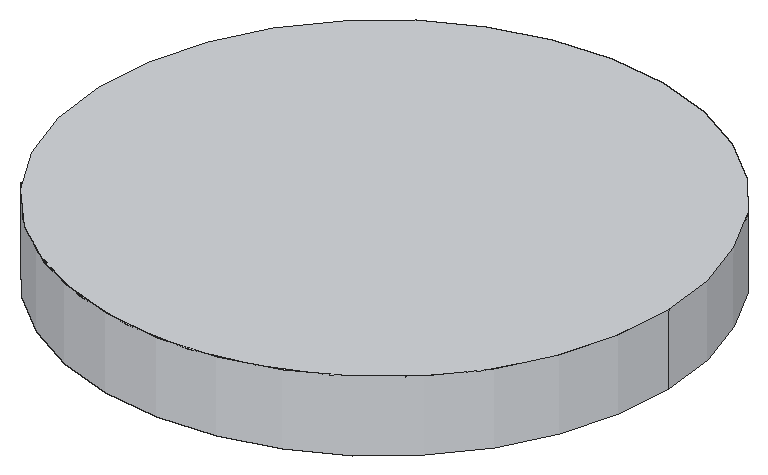
Revit family "9cbf9723c5844b3c92f5dbbac9ceeece", category Lighting Devices, host Face, Revit 2021
Family settings
  Host = Face
  Maintain Annotation Orientation = No
  Round Connector Dimension = Use Diameter
  Part Type = Normal
  OmniClass Number = 23.85.80.11.27
  OmniClass Title = Lighting Controls
  Seek Item ID = Lighting Devices - Unbalanced Power Connector-0000-USA-ENU
  Cut with Voids When Loaded = No
  Shared = No
  Room Calculation Point = No
Parameters (values of type "277 V")
  Thickness = 0' - 0 1/8"
  Radius = Diameter / 2  # 0' - 0 1/2"
  Load Classification = Other
  Diameter = 0' - 1"
  Default Elevation = 4' - 0"
  Connector Voltage = 277 V
  Connector Number of Poles = 1
Types (6): name | Connector Voltage | Connector Number of Poles
  (no name) | 277 V | 1
  120 V | 120 V | 1
  277 V | 277 V | 1
  240 V | 240 V | 2
  208 V | 208 V | 3
  480 V | 480 V | 3
Reference planes (in)
  plane 1 "Center (Front/Back)": y = 0
  plane 2: z = 0
  plane 3 "Center (Left/Right)": x = 0
  plane 4: z = 0.125
Forms (in)
  Extrusion 1, solid
    sketch origin (0, 0, 0) x (1, 0, 0) y (0, 1, 0)
      loop
        circle (0, 0) r 0.5
    from 0.125 to 0
Dimensions and locks (in)
  "Thickness": plane 4 to plane 2
  "Radius": radius of Extrusion 1 sketch curve
  aligned and locked: plane 2 to host face
  aligned and locked: level to host face
  aligned and locked: Extrusion 1 to plane 2
  aligned and locked: plane 1 "Center (Front/Back)" to Extrusion 1 sketch curve
  aligned and locked: plane 3 "Center (Left/Right)" to Extrusion 1 sketch curve
  aligned and locked: plane 4 to Extrusion 1
Automatic sketch dimensions
  host sketch curve to host sketch curve = 8' - 0"  (x2)
Connectors (in)
  electrical at (0, 0, 0.125), driven by "Connector Voltage", driven by "Connector Number of Poles", driven by "Load Classification"
    settings: on Extrusion 1, index 1, voltage 277 V, apparent load 0 VA, apparent load phase1 0 VA, apparent load phase2 0 VA, apparent load phase3 0 VA, power factor 1, load classification "Other", number of poles 1, system type 31, power factor state 1, is connector primary yes, connector utility no, sub classification motor no, connector description ""
